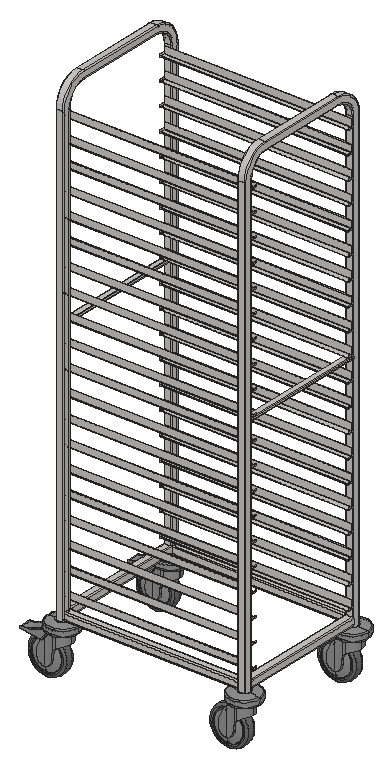
Revit family "QF_BPRO_RWR-B 6 x 4_575104", category Sonderausstattung, Revit 2018
Family settings
  Bemaßung runder Anschluss = Durchmesser verwenden
  Teiletyp = Normal
  Arbeitsebenenbasiert = Nein
  Immer vertikal = Ja
  Beim Laden mit Abzugskörper schneiden = Nein
  Gemeinsam genutzt = Nein
  Raumberechnungspunkt = Nein
Parameters (values of type "RWR-B 6 x 4")
  Zubehör = yes
  Warnhinweise = "Der Regalwagen darf nicht zum Transport von Personen mit oder auf dem Wagen benutzt werden. Der Regalwagen darf nicht als \"Leiterersatz\" oder als Klettergerät (Kinder) benutzt werden (Kippgefahr). Für diese Anwendungsfälle oder sonstigen, nicht bestimmungsgemäßen Gebrauch erlischt die Gewährleistung.\nAusführliche Gefahrenhinweise entnehmen Sie der Betriebsanleitung."
  URL = "https://www.bpro-solutions.com/"
  Typenkommentare = "Regalwagen"
  Tiefe = 536 mm
  Modell = "RWR-B 6 x 4"
  Material Stoßschutz = QF_Plastic-Dark_Grey-Matt
  Material Rollen = QF_Plastic-Dark_Grey-Matt
  Material = QF_Metal-Stainless-Steel_general
  Länge Gerätebreite = 686 mm
  Kosten = 843.5
  Internetadresse für Ersatzteilliste = ""
  Internetadresse Gerätehersteller = "https://www.bpro-solutions.com/"
  ID [instance] = ""
  Höhe = 1729 mm
  Hersteller = "B.PRO GmbH"
  Großküchengerätezuordnung = yes
  Gerätegewicht Netto = 21.50 kg
  Freiraum [instance] = no
  CE Kennzeichnung = yes
  Beschreibung durch Hersteller analog Leistungsverzeichnislangtext = "Abmessungen\n\nLänge:\t\t\t686 mm\nBreite:\t\t536 mm\nHöhe:\t\t1729 mm\n\nLichtes Maß:\nAbstand der Auflagenschienen:\t    73 mm\n\n\nAusführung\n\nDer Regalwagen besteht aus CNS 18/10, Werkstoff-Nr. 1.4301. Zwischen stabilem Vierkant-rohr mit 25 x 25 mm (gebogen ohne Einzug) befinden sich eingeschweißte Führungsschienen. Diese sind mit einer beidseitigen Durchschubsicherung zum Längseinschub von Backblechen 60x40 cm vorgesehen.\nEin eingeschweißtes Vierkantrohr 20 x 10 mm auf mittlerer Höhe des Regalwagens, jeweils an Vorder- und Rückseite höhenversetzt angebracht, verstärkt zusätzlich die Stabilität.\n\nDer Regalwagen ist fahrbar mittels rostfreien Kunststoffrollen gemäß DIN 18867, Teil 8\n(4 Lenkrollen, davon 2 mit Feststeller, Rollendurchmesser 125 mm). Wandabweiser aus Kunststoff (Polyamid) an allen vier Ecken schützen vor Beschädigung.\n\n\n\nTechnische Daten\n\nWerkstoff:\t \tChromnickelstahl 18/10,\n\t \tPolyamid (PA)\nMaterialstärke VK-Rohr:\t1,5 mm\nMaterialstärke\nAuflageschienen:\t\t    1,25 mm\nGewicht:\t\t21,5 kg\nTragfähigkeit je Wagen:\t    200 kg\nAnzahl Auflagenpaare:\t\t20\nKapazität:\t\t20 Backbleche 60x40 cm\n\n\n\n\nBesonderheit\n\n•\tFührungsschienen mit beidseitiger Durchschubsicherung\n\n\nFabrikat\n\nHersteller:\t\tB.PRO\nTyp:                                    RWR-B 6x4-20\nBest.Nr.\t\t575 104"
  Description = "Regalwagen,\nzum Transport\nvon Backblechen\n600 x 400 mm"
  Artikel Nummer = "575104"
Reference planes
  plane 1 "Mitte (Vorne/hinten)": y = 0
  plane 2: z = 0
  plane 3 "Mitte (Links/rechts)": x = 0
  plane 4: y = -217.5
  plane 5: y = 217.5
  plane 6 "v": x = -292.5
  plane 7 "h": x = 292.5
Forms (mm)
  Extrusion 1, solid, material "QF_Metal-Stainless-Steel_general" <- "Material"
    sketch origin (0, 0, 0) x (0, 1, 0) y (0, 0, 1)
      loop
        arc (-227, 203) -> (-229.121, 202.121) -> (-230, 200) r 3
        line (-230, 200) -> (-230, 181)
        arc (-230, 181) -> (-229.121, 178.879) -> (-227, 178) r 3
        line (-227, 178) -> (-208, 178)
        arc (-208, 178) -> (-205.879, 178.879) -> (-205, 181) r 3
        line (-205, 181) -> (-205, 200)
        arc (-205, 200) -> (-205.879, 202.121) -> (-208, 203) r 3
        line (-208, 203) -> (-227, 203)
      loop
        line (227, 203) -> (208, 203)
        arc (208, 203) -> (205.879, 202.121) -> (205, 200) r 3
        line (205, 200) -> (205, 181)
        arc (205, 181) -> (205.879, 178.879) -> (208, 178) r 3
        line (208, 178) -> (227, 178)
        arc (227, 178) -> (229.121, 178.879) -> (230, 181) r 3
        line (230, 181) -> (230, 200)
        arc (230, 200) -> (229.121, 202.121) -> (227, 203) r 3
    from -280 to 280
  Extrusion 2, solid, material "QF_Metal-Stainless-Steel_general" <- "Material"
    sketch origin (0, 0, 0) x (1, 0, 0) y (0, 0, 1)
      loop
        arc (-302, 203) -> (-304.121, 202.121) -> (-305, 200) r 3
        line (-305, 200) -> (-305, 181)
        arc (-305, 181) -> (-304.121, 178.879) -> (-302, 178) r 3
        line (-302, 178) -> (-283, 178)
        arc (-283, 178) -> (-280.879, 178.879) -> (-280, 181) r 3
        line (-280, 181) -> (-280, 200)
        arc (-280, 200) -> (-280.879, 202.121) -> (-283, 203) r 3
        line (-283, 203) -> (-302, 203)
      loop
        line (302, 203) -> (283, 203)
        arc (283, 203) -> (280.879, 202.121) -> (280, 200) r 3
        line (280, 200) -> (280, 181)
        arc (280, 181) -> (280.879, 178.879) -> (283, 178) r 3
        line (283, 178) -> (302, 178)
        arc (302, 178) -> (304.121, 178.879) -> (305, 181) r 3
        line (305, 181) -> (305, 200)
        arc (305, 200) -> (304.121, 202.121) -> (302, 203) r 3
    from -205 to 205
  Sweep 3, solid, material "QF_Metal-Stainless-Steel_general" <- "Material"
    path origin (0, 0, 0) x (0, 1, 0) y (0, 0, 1)
      loop
        line (-217.5, 161.5) -> (-217.5, 1646.5)
        arc (-217.5, 1646.5) -> (-196.997, 1695.997) -> (-147.5, 1716.5) r 70
        line (-147.5, 1716.5) -> (147.5, 1716.5)
        arc (147.5, 1716.5) -> (196.997, 1695.997) -> (217.5, 1646.5) r 70
        line (217.5, 1646.5) -> (217.5, 161.5)
    profile origin (0, -217.5, 904) x (0, -1, 0) y (1, 0, 0)
      loop
        arc (12.5, -283) -> (11.621, -280.879) -> (9.5, -280) r 3
        line (9.5, -280) -> (-9.5, -280)
        arc (-9.5, -280) -> (-11.621, -280.879) -> (-12.5, -283) r 3
        line (-12.5, -283) -> (-12.5, -302)
        arc (-12.5, -302) -> (-11.621, -304.121) -> (-9.5, -305) r 3
        line (-9.5, -305) -> (9.5, -305)
        arc (9.5, -305) -> (11.621, -304.121) -> (12.5, -302) r 3
        line (12.5, -302) -> (12.5, -283)
  Extrusion 4, solid, material "QF_Metal-Stainless-Steel_general" <- "Material"
    sketch origin (0, 0, 314) x (1, 0, 0) y (0, 0, 1)
      loop
        arc (-303, 716.5) -> (-304.414, 715.914) -> (-305, 714.5) r 2
        line (-305, 714.5) -> (-305, 708.5)
        arc (-305, 708.5) -> (-304.414, 707.086) -> (-303, 706.5) r 2
        line (-303, 706.5) -> (-287, 706.5)
        arc (-287, 706.5) -> (-285.586, 707.086) -> (-285, 708.5) r 2
        line (-285, 708.5) -> (-285, 714.5)
        arc (-285, 714.5) -> (-285.586, 715.914) -> (-287, 716.5) r 2
        line (-287, 716.5) -> (-303, 716.5)
      loop
        line (303, 643.5) -> (287, 643.5)
        arc (287, 643.5) -> (285.586, 642.914) -> (285, 641.5) r 2
        line (285, 641.5) -> (285, 635.5)
        arc (285, 635.5) -> (285.586, 634.086) -> (287, 633.5) r 2
        line (287, 633.5) -> (303, 633.5)
        arc (303, 633.5) -> (304.414, 634.086) -> (305, 635.5) r 2
        line (305, 635.5) -> (305, 641.5)
        arc (305, 641.5) -> (304.414, 642.914) -> (303, 643.5) r 2
    from -205 to 205
  Sweep 5, solid, material "QF_Metal-Stainless-Steel_general" <- "Material"
    path origin (0, 0, 0) x (0, 1, 0) y (0, 0, -1)
      loop
        line (-217.5, -161.5) -> (-217.5, -1646.5)
        arc (-217.5, -1646.5) -> (-196.997, -1695.997) -> (-147.5, -1716.5) r 70
        line (-147.5, -1716.5) -> (147.5, -1716.5)
        arc (147.5, -1716.5) -> (196.997, -1695.997) -> (217.5, -1646.5) r 70
        line (217.5, -1646.5) -> (217.5, -161.5)
    profile origin (0, -217.5, 904) x (0, 1, 0) y (-1, 0, 0)
      loop
        line (-12.5, -283) -> (-12.5, -302)
        arc (-12.5, -302) -> (-11.621, -304.121) -> (-9.5, -305) r 3
        line (-9.5, -305) -> (9.5, -305)
        arc (9.5, -305) -> (11.621, -304.121) -> (12.5, -302) r 3
        line (12.5, -302) -> (12.5, -283)
        arc (12.5, -283) -> (11.621, -280.879) -> (9.5, -280) r 3
        line (9.5, -280) -> (-9.5, -280)
        arc (-9.5, -280) -> (-11.621, -280.879) -> (-12.5, -283) r 3
  Extrusion 6, solid, visible <- "Freiraum"
    sketch origin (955.708, 86.822, 0) x (1, 0, 0) y (0, 1, 0)
      loop
        line (-1298.727, 181.197) -> (-1298.727, -354.84) -> (-612.69, -354.84) -> (-612.69, 181.197) -> (-1298.727, 181.197)
    from 0 to 1729
Cuts and joins
  joined: Extrusion 1, Extrusion 2, Sweep 3, Extrusion 4
Dimensions and locks
  aligned and locked: level to plane 2
Nested families
  nested 1: "Stoßschutz_Typ1" at (-292.5, 217.5, 173.5), type "Stoßschutz_Typ1"
  nested 2: "Stoßschutz_Typ1" at (292.5, 217.5, 173.5), type "Stoßschutz_Typ1"
  nested 3: "Stoßschutz_Typ1" at (292.5, -217.5, 173.5), type "Stoßschutz_Typ1"
  nested 4: "Stoßschutz_Typ1" at (-292.5, -217.5, 173.5), type "Stoßschutz_Typ1"
  nested 5: "Rolle_125mm_Typ1_1" at (-292.5, 217.5, 0) x (0, -1, 0) z (0, 0, 1), type "Bremse ohne Platte"
  nested 6: "Rolle_125mm_Typ1_1" at (-292.5, -217.5, 0) x (0, -1, 0) z (0, 0, 1), type "Bremse ohne Platte"
  nested 7: "Rolle_125mm_Typ1_1" at (292.5, 217.5, 0) x (0, -1, 0) z (0, 0, 1), type "ohne Bremse ohne Platte"
  nested 8: "Rolle_125mm_Typ1_1" at (292.5, -217.5, 0) x (0, -1, 0) z (0, 0, 1), type "ohne Bremse ohne Platte"
  nested 9: "Führungsschiene_Typ2" at (0, -205, 228.75) x (0, 1, 0) z (0, 0, 1), type "Führungsschiene_Typ2"
    with Länge 604 mm
  nested 10: "Führungsschiene_Typ2" at (0, 205, 228.75) x (0, -1, 0) z (0, 0, 1), type "Führungsschiene_Typ2"
    with Länge 604 mm
  nested 11: "Führungsschiene_Typ2" at (0, -205, 301.75) x (0, 1, 0) z (0, 0, 1), type "Führungsschiene_Typ2"
    with Länge 604 mm
  nested 12: "Führungsschiene_Typ2" at (0, 205, 301.75) x (0, -1, 0) z (0, 0, 1), type "Führungsschiene_Typ2"
    with Länge 604 mm
  nested 13: "Führungsschiene_Typ2" at (0, -205, 374.75) x (0, 1, 0) z (0, 0, 1), type "Führungsschiene_Typ2"
    with Länge 604 mm
  nested 14: "Führungsschiene_Typ2" at (0, 205, 374.75) x (0, -1, 0) z (0, 0, 1), type "Führungsschiene_Typ2"
    with Länge 604 mm
  nested 15: "Führungsschiene_Typ2" at (0, -205, 447.75) x (0, 1, 0) z (0, 0, 1), type "Führungsschiene_Typ2"
    with Länge 604 mm
  nested 16: "Führungsschiene_Typ2" at (0, 205, 447.75) x (0, -1, 0) z (0, 0, 1), type "Führungsschiene_Typ2"
    with Länge 604 mm
  nested 17: "Führungsschiene_Typ2" at (0, -205, 520.75) x (0, 1, 0) z (0, 0, 1), type "Führungsschiene_Typ2"
    with Länge 604 mm
  nested 18: "Führungsschiene_Typ2" at (0, 205, 520.75) x (0, -1, 0) z (0, 0, 1), type "Führungsschiene_Typ2"
    with Länge 604 mm
  nested 19: "Führungsschiene_Typ2" at (0, -205, 593.75) x (0, 1, 0) z (0, 0, 1), type "Führungsschiene_Typ2"
    with Länge 604 mm
  nested 20: "Führungsschiene_Typ2" at (0, 205, 593.75) x (0, -1, 0) z (0, 0, 1), type "Führungsschiene_Typ2"
    with Länge 604 mm
  nested 21: "Führungsschiene_Typ2" at (0, -205, 666.75) x (0, 1, 0) z (0, 0, 1), type "Führungsschiene_Typ2"
    with Länge 604 mm
  nested 22: "Führungsschiene_Typ2" at (0, 205, 666.75) x (0, -1, 0) z (0, 0, 1), type "Führungsschiene_Typ2"
    with Länge 604 mm
  nested 23: "Führungsschiene_Typ2" at (0, -205, 739.75) x (0, 1, 0) z (0, 0, 1), type "Führungsschiene_Typ2"
    with Länge 604 mm
  nested 24: "Führungsschiene_Typ2" at (0, 205, 739.75) x (0, -1, 0) z (0, 0, 1), type "Führungsschiene_Typ2"
    with Länge 604 mm
  nested 25: "Führungsschiene_Typ2" at (0, -205, 812.75) x (0, 1, 0) z (0, 0, 1), type "Führungsschiene_Typ2"
    with Länge 604 mm
  nested 26: "Führungsschiene_Typ2" at (0, 205, 812.75) x (0, -1, 0) z (0, 0, 1), type "Führungsschiene_Typ2"
    with Länge 604 mm
  nested 27: "Führungsschiene_Typ2" at (0, -205, 885.75) x (0, 1, 0) z (0, 0, 1), type "Führungsschiene_Typ2"
    with Länge 604 mm
  nested 28: "Führungsschiene_Typ2" at (0, 205, 885.75) x (0, -1, 0) z (0, 0, 1), type "Führungsschiene_Typ2"
    with Länge 604 mm
  nested 29: "Führungsschiene_Typ2" at (0, -205, 958.75) x (0, 1, 0) z (0, 0, 1), type "Führungsschiene_Typ2"
    with Länge 604 mm
  nested 30: "Führungsschiene_Typ2" at (0, 205, 958.75) x (0, -1, 0) z (0, 0, 1), type "Führungsschiene_Typ2"
    with Länge 604 mm
  nested 31: "Führungsschiene_Typ2" at (0, -205, 1031.75) x (0, 1, 0) z (0, 0, 1), type "Führungsschiene_Typ2"
    with Länge 604 mm
  nested 32: "Führungsschiene_Typ2" at (0, 205, 1031.75) x (0, -1, 0) z (0, 0, 1), type "Führungsschiene_Typ2"
    with Länge 604 mm
  nested 33: "Führungsschiene_Typ2" at (0, -205, 1104.75) x (0, 1, 0) z (0, 0, 1), type "Führungsschiene_Typ2"
    with Länge 604 mm
  nested 34: "Führungsschiene_Typ2" at (0, 205, 1104.75) x (0, -1, 0) z (0, 0, 1), type "Führungsschiene_Typ2"
    with Länge 604 mm
  nested 35: "Führungsschiene_Typ2" at (0, -205, 1177.75) x (0, 1, 0) z (0, 0, 1), type "Führungsschiene_Typ2"
    with Länge 604 mm
  nested 36: "Führungsschiene_Typ2" at (0, 205, 1177.75) x (0, -1, 0) z (0, 0, 1), type "Führungsschiene_Typ2"
    with Länge 604 mm
  nested 37: "Führungsschiene_Typ2" at (0, -205, 1250.75) x (0, 1, 0) z (0, 0, 1), type "Führungsschiene_Typ2"
    with Länge 604 mm
  nested 38: "Führungsschiene_Typ2" at (0, 205, 1250.75) x (0, -1, 0) z (0, 0, 1), type "Führungsschiene_Typ2"
    with Länge 604 mm
  nested 39: "Führungsschiene_Typ2" at (0, -205, 1323.75) x (0, 1, 0) z (0, 0, 1), type "Führungsschiene_Typ2"
    with Länge 604 mm
  nested 40: "Führungsschiene_Typ2" at (0, 205, 1323.75) x (0, -1, 0) z (0, 0, 1), type "Führungsschiene_Typ2"
    with Länge 604 mm
  nested 41: "Führungsschiene_Typ2" at (0, -205, 1396.75) x (0, 1, 0) z (0, 0, 1), type "Führungsschiene_Typ2"
    with Länge 604 mm
  nested 42: "Führungsschiene_Typ2" at (0, 205, 1396.75) x (0, -1, 0) z (0, 0, 1), type "Führungsschiene_Typ2"
    with Länge 604 mm
  nested 43: "Führungsschiene_Typ2" at (0, -205, 1469.75) x (0, 1, 0) z (0, 0, 1), type "Führungsschiene_Typ2"
    with Länge 604 mm
  nested 44: "Führungsschiene_Typ2" at (0, 205, 1469.75) x (0, -1, 0) z (0, 0, 1), type "Führungsschiene_Typ2"
    with Länge 604 mm
  nested 45: "Führungsschiene_Typ2" at (0, -205, 1542.75) x (0, 1, 0) z (0, 0, 1), type "Führungsschiene_Typ2"
    with Länge 604 mm
  nested 46: "Führungsschiene_Typ2" at (0, 205, 1542.75) x (0, -1, 0) z (0, 0, 1), type "Führungsschiene_Typ2"
    with Länge 604 mm
  nested 47: "Führungsschiene_Typ2" at (0, -205, 1615.75) x (0, 1, 0) z (0, 0, 1), type "Führungsschiene_Typ2"
    with Länge 604 mm
  nested 48: "Führungsschiene_Typ2" at (0, 205, 1615.75) x (0, -1, 0) z (0, 0, 1), type "Führungsschiene_Typ2"
    with Länge 604 mm
Definition of nested family "Stoßschutz_Typ1"
  Parameters (values of type "Stoßschutz_Typ1")
    Material = none
  Reference planes
    plane 1 "Mitte (Vorne/hinten)": y = 0
    plane 2: z = 0
    plane 3 "Mitte (Links/rechts)": x = 0
    plane 4: z = -13.387
  Forms (mm)
    Revolve 1, solid, material <- "Material"
      sketch origin (0, 0, 0) x (1, 0, 0) y (0, 0, 1)
        loop
          line (0, 0) -> (-20.142, 0)
          arc (-20.142, 0) -> (-33.904, -1.519) -> (-47.593, -3.59) r 344.486
          arc (-47.593, -3.59) -> (-49.69, -4.792) -> (-50.519, -7.062) r 3.522
          line (-50.519, -7.062) -> (-50.519, -22)
          arc (-50.519, -22) -> (-49.933, -23.414) -> (-48.519, -24) r 2
          line (-48.519, -24) -> (-47.519, -24) -> (-47.519, -6.622)
          arc (-47.519, -6.622) -> (-33.8, -4.531) -> (-20.007, -3) r 341.486
          line (-20.007, -3) -> (0, -3) -> (0, 0)
        axis (0, -24) -> (0, 0)
      angle from 0 to 360
  Dimensions and locks
    aligned and locked: level to plane 2
Definition of nested family "Rolle_125mm_Typ1_1"
  Parameters (values of type "Bremse ohne Platte")
    Meterial Felge = none
    Material Rolle = none
    Material Korpus = none
    Bremse = yes
    Befestigungsplatte = no
  Types (4, lengths in mm): name | Bremse | Befestigungsplatte
    Bremse und Platte | yes | yes
    Bremse ohne Platte | yes | no
    ohne Bremse mit Platte | no | yes
    ohne Bremse ohne Platte | no | no
  Reference planes
    plane 1 "Mitte (Vorne/hinten)": y = 0
    plane 2: z = 0
    plane 3 "Mitte (Links/rechts)": x = 0
    plane 4 "achse": y = -40.006
    plane 5: y = -27.583
    plane 6: y = 27.583
    plane 7: x = -19.406
    plane 8: x = 19.406
  Forms (mm)
    Extrusion 1, solid, material <- "Material Korpus"
      sketch origin (0, 0, 0) x (0, 1, 0) y (0, 0, 1)
        loop
          arc (29.483, 153.125) -> (-36.251, 126.766) -> (-66.01, 62.5) r 95.978
          arc (-66.01, 62.5) -> (-40.006, 36.495) -> (-14.001, 62.5) r 26.005
          arc (-14.001, 62.5) -> (-2.667, 96.712) -> (29.483, 112.998) r 47.282
          line (29.483, 112.998) -> (29.483, 153.125)
      from -29.5 to 29.5
    Extrusion 2, void
      sketch origin (0, 0, 0) x (1, 0, 0) y (0, 1, 0)
        loop
          arc (29.5, 0) -> (29.227, -5.123) -> (28.412, -10.188) r 48.241
          arc (28.412, -10.188) -> (26.103, -25.015) -> (25.536, -40.009) r 128.719
          arc (25.536, -40.009) -> (24.89, -53.073) -> (22.96, -66.01) r 132.493
          line (22.96, -66.01) -> (22.96, -71.01) -> (32.96, -71.01) -> (32.96, 33.99) -> (-32.96, 33.99) -> (-32.96, -71.01) -> (-22.96, -71.01) -> (-22.96, -66.01)
          arc (-22.96, -66.01) -> (-24.89, -53.073) -> (-25.536, -40.009) r 132.493
          arc (-25.536, -40.009) -> (-26.103, -25.015) -> (-28.412, -10.188) r 128.719
          arc (-28.412, -10.188) -> (-29.227, -5.123) -> (-29.5, 0) r 48.241
          arc (-29.5, 0) -> (0, 29.5) -> (29.5, 0) r 29.5
        loop
          arc (24.5, 0) -> (0, 24.5) -> (-24.5, 0) r 24.5
          arc (-24.5, 0) -> (-24.255, -4.592) -> (-23.525, -9.132) r 43.241
          arc (-23.525, -9.132) -> (-21.129, -24.509) -> (-20.536, -40.06) r 133.719
          arc (-20.536, -40.06) -> (-19.888, -52.85) -> (-17.96, -65.51) r 127.493
          line (-17.96, -65.51) -> (-17.96, -76.01) -> (17.96, -76.01) -> (17.96, -65.51)
          arc (17.96, -65.51) -> (19.888, -52.85) -> (20.536, -40.06) r 127.493
          arc (20.536, -40.06) -> (21.129, -24.509) -> (23.525, -9.132) r 133.719
          arc (23.525, -9.132) -> (24.255, -4.592) -> (24.5, 0) r 43.241
      from 0 to 161.3
    Extrusion 3, solid, material <- "Material Korpus"
      sketch origin (0, 0, 0) x (1, 0, 0) y (0, 1, 0)
        loop
          circle (0, 0) r 27.583
        loop
          circle (0, 0) r 22.583
      from 132.308 to 154.969
    Extrusion 4, void
      sketch origin (0, 0, 0) x (0, 1, 0) y (0, 0, 1)
        loop
          arc (29.483, 148.125) -> (-1.46, 142.58) -> (-28.669, 126.834) r 90.978
          line (-28.669, 126.834) -> (29.483, 126.834) -> (29.483, 148.125)
      from -30 to 30
    Extrusion 5, solid, material <- "Material Korpus"
      sketch origin (0, 0, 0) x (0, 1, 0) y (0, 0, 1)
        loop
          arc (0, 148.376) -> (-26.751, 134.682) -> (-47.956, 113.387) r 95.978
          line (-47.956, 113.387) -> (-43.905, 110.457)
          arc (-43.905, 110.457) -> (-24.464, 130.157) -> (0, 143.1) r 90.978
          line (0, 143.1) -> (0, 148.376)
      from -23.033 to 23
    Extrusion 6, void
      sketch origin (0, 0, 0) x (1, 0, 0) y (0, 1, 0)
        loop
          circle (-0.017, 0) r 22.583
      from 106.63 to 154.969
    Extrusion 7, void
      sketch origin (0, 0, 0) x (1, 0, 0) y (0, 1, 0)
        loop
          line (-20.288, -47.956) -> (-20.288, -52.956) -> (20.288, -52.956) -> (20.288, -47.956)
          arc (20.288, -47.956) -> (0, -27.669) -> (-20.288, -47.956) r 20.288
      from 83.979 to 153.125
    Revolve 8, solid, material <- "Material Korpus"
      sketch origin (0, 0, 0) x (0, 1, 0) y (0, 0, 1)
        loop
          line (-27.583, 155.817) -> (-22.583, 155.817) -> (-22.583, 154.969) -> (0, 154.969) -> (0, 160.495) -> (-27.583, 160.495) -> (-27.583, 155.817)
        axis (0, 160.495) -> (0, 154.969)
      angle from 0 to 360
    Extrusion 9, solid, material <- "Material Korpus", visible <- "Befestigungsplatte"
      sketch origin (0, 0, 0) x (1, 0, 0) y (0, 1, 0)
        loop
          line (30, 47.5) -> (-30, 47.5)
          arc (-30, 47.5) -> (-33.536, 46.036) -> (-35, 42.5) r 5
          line (-35, 42.5) -> (-35, -42.5)
          arc (-35, -42.5) -> (-33.536, -46.036) -> (-30, -47.5) r 5
          line (-30, -47.5) -> (30, -47.5)
          arc (30, -47.5) -> (33.536, -46.036) -> (35, -42.5) r 5
          line (35, -42.5) -> (35, 42.5)
          arc (35, 42.5) -> (33.536, 46.036) -> (30, 47.5) r 5
      from 158.8 to 161.3
    Revolve 10, solid, material <- "Material Rolle"
      sketch origin (0, -40.006, 0) x (0, 0, -1) y (1, 0, 0)
        loop
          line (-62.5, -12.996) -> (-14.712, -12.996) -> (-14.629, -14.183)
          arc (-14.629, -14.183) -> (-14.012, -15.475) -> (-12.68, -16) r 1.953
          line (-12.68, -16) -> (-7.356, -16)
          arc (-7.356, -16) -> (-3.064, -14.525) -> (-0.584, -10.724) r 6.984
          arc (-0.584, -10.724) -> (0.747, 0) -> (-0.584, 10.724) r 43.854
          arc (-0.584, 10.724) -> (-3.064, 14.525) -> (-7.356, 16) r 6.984
          line (-7.356, 16) -> (-12.68, 16)
          arc (-12.68, 16) -> (-14.012, 15.475) -> (-14.629, 14.183) r 1.953
          line (-14.629, 14.183) -> (-14.712, 12.996) -> (-62.5, 12.996) -> (-62.5, -12.996)
        axis (-62.5, -16) -> (-62.5, 16)
      angle from 0 to 360
    Revolve 11, solid, material <- "Meterial Felge"
      sketch origin (0, -40.006, 0) x (0, 0, -1) y (1, 0, 0)
        loop
          arc (-62.5, -22.767) -> (-38.311, -20.846) -> (-14.712, -15.198) r 156.034
          line (-14.712, -15.198) -> (-14.712, 15.198)
          arc (-14.712, 15.198) -> (-38.311, 20.846) -> (-62.5, 22.767) r 156.034
          line (-62.5, 22.767) -> (-62.5, -22.767)
        axis (-62.5, -22.767) -> (-62.5, 22.767)
      angle from 0 to 360
    Extrusion 12, solid, material <- "Material Korpus", visible <- "Bremse"
      sketch origin (0, 0, 0) x (0, 1, 0) y (0, 0, 1)
        loop
          arc (-49.4, 105.824) -> (-29.128, 129.052) -> (-2.377, 144.374) r 92.978
          line (-2.377, 144.374) -> (-24.983, 146.448)
          arc (-24.983, 146.448) -> (-43.484, 142.245) -> (-61.13, 135.276) r 124.365
          arc (-61.13, 135.276) -> (-90.048, 124.527) -> (-120.492, 119.527) r 160.001
          arc (-120.492, 119.527) -> (-121.721, 118.993) -> (-122.334, 117.801) r 1.991
          line (-122.334, 117.801) -> (-123.025, 112.581) -> (-49.4, 105.824)
      from -25 to 25
    Extrusion 13, void
      sketch origin (0, 0, 0) x (1, 0, 0) y (0, 1, 0)
        loop
          line (-24.687, -2.377) -> (-40, -2.377) -> (-40, -137.377) -> (-17.56, -137.377)
          arc (-17.56, -137.377) -> (-23.153, -69.984) -> (-24.687, -2.377) r 1125.228
        loop
          arc (-21.687, -2.377) -> (-20.149, -69.984) -> (-14.54, -137.377) r 1122.228
          line (-14.54, -137.377) -> (14.54, -137.377)
          arc (14.54, -137.377) -> (20.149, -69.984) -> (21.687, -2.377) r 1122.228
          line (21.687, -2.377) -> (-21.687, -2.377)
        loop
          arc (24.687, -2.377) -> (23.153, -69.984) -> (17.56, -137.377) r 1125.228
          line (17.56, -137.377) -> (40, -137.377) -> (40, -2.377) -> (24.687, -2.377)
      from 100.163 to 161.8
    Extrusion 14, void
      sketch origin (0, 0, 0) x (1, 0, 0) y (0, 1, 0)
        loop
          circle (0, 0) r 27.583
      from 83.929 to 175.029
    Extrusion 15, solid, material <- "Material Korpus", visible <- "Bremse"
      sketch origin (0, 0, 0) x (0, 1, 0) y (0, 0, 1)
        loop
          line (-12.244, 145.279) -> (-24.983, 146.448)
          arc (-24.983, 146.448) -> (-43.484, 142.245) -> (-61.13, 135.276) r 124.365
          arc (-61.13, 135.276) -> (-90.048, 124.527) -> (-120.492, 119.527) r 160.001
          arc (-120.492, 119.527) -> (-121.721, 118.993) -> (-122.334, 117.801) r 1.991
          line (-122.334, 117.801) -> (-123.013, 112.668) -> (-120.843, 112.381) -> (-120.293, 116.533)
          arc (-120.293, 116.533) -> (-89.279, 121.627) -> (-59.819, 132.578) r 163.001
          arc (-59.819, 132.578) -> (-42.769, 139.326) -> (-24.897, 143.428) r 121.365
          line (-24.897, 143.428) -> (-12.244, 142.267) -> (-12.244, 145.279)
      from -30 to 30
    Extrusion 16, void
      sketch origin (0, 0, 0) x (1, 0, 0) y (0, 1, 0)
        loop
          line (-21.718, -9.744) -> (-35.589, -9.744) -> (-35.589, -127.783) -> (-15.589, -127.783)
          arc (-15.589, -127.783) -> (-20.208, -68.844) -> (-21.718, -9.744) r 1122.228
        loop
          line (15.589, -127.783) -> (35.589, -127.783) -> (35.589, -9.744) -> (21.718, -9.744)
          arc (21.718, -9.744) -> (20.208, -68.844) -> (15.589, -127.783) r 1122.228
      from 95.424 to 163.646
  Cuts and joins
    Extrusion 2 cuts Extrusion 1
    Extrusion 4 cuts Extrusion 3
    Extrusion 6, Extrusion 7 cuts Extrusion 5
    joined: Extrusion 1, Extrusion 3, Extrusion 5
    Extrusion 13, Extrusion 14 cuts Extrusion 12
    Extrusion 14, Extrusion 16 cuts Extrusion 15
  Dimensions and locks
    aligned and locked: level to plane 2
Definition of nested family "Führungsschiene_Typ2"
  Parameters (values of type "Führungsschiene_Typ2")
    Material = none
    Länge [instance] = 500 mm
  Reference planes
    plane 1 "Mitte (Vorne/hinten)": y = 0
    plane 2: z = 0
    plane 3 "Mitte (Links/rechts)": x = 0
    plane 4: y = -250
    plane 5: y = 250
  Forms (mm)
    Extrusion 1, solid, material <- "Material"
      sketch origin (0, 0, 0) x (1, 0, 0) y (0, 0, 1)
        loop
          line (0, 23.45) -> (0, 1.063)
          arc (0, 1.063) -> (0.677, -0.573) -> (2.313, -1.25) r 2.313
          line (2.313, -1.25) -> (17.75, -1.25) -> (17.75, 0) -> (2.22, 0)
          arc (2.22, 0) -> (1.534, 0.284) -> (1.25, 0.97) r 0.97
          line (1.25, 0.97) -> (1.25, 23.45) -> (0, 23.45)
      from -250 to 250
    Extrusion 2, solid, material <- "Material"
      sketch origin (0, 0, 0) x (0, 1, 0) y (0, 0, 1)
        loop
          line (-249.948, -1.25) -> (-248.972, -1.25) -> (-248.972, 0) -> (-249.956, 0)
          arc (-249.956, 0) -> (-250.664, 0.275) -> (-251, 0.957) r 1.048
          line (-251, 0.957) -> (-251.339, 4.836) -> (-252.585, 4.727) -> (-252.246, 0.856)
          arc (-252.246, 0.856) -> (-251.506, -0.644) -> (-249.948, -1.25) r 2.307
      from 2.25 to 17.75
    Extrusion 3, solid, material <- "Material"
      sketch origin (0, 0, 0) x (0, 1, 0) y (0, 0, 1)
        loop
          arc (250.998, 0.932) -> (250.671, 0.268) -> (249.981, 0) r 1.021
          line (249.981, 0) -> (249.048, 0) -> (249.048, -1.25) -> (249.989, -1.25)
          arc (249.989, -1.25) -> (251.517, -0.656) -> (252.242, 0.815) r 2.262
          line (252.242, 0.815) -> (252.585, 4.727) -> (251.339, 4.836) -> (250.998, 0.932)
      from 2.25 to 17.75
  Cuts and joins
    joined: Extrusion 1, Extrusion 2, Extrusion 3
  Dimensions and locks
    equal spacing: plane 4, plane 1 "Mitte (Vorne/hinten)", plane 5
    "Länge": plane 4 to plane 5
    locked: plane 4 to Extrusion 2 sketch curve at 1.028
    locked: Extrusion 3 sketch curve to plane 5 at 0.952
    aligned and locked: level to plane 2
    aligned and locked: plane 5 to Extrusion 1
    aligned and locked: plane 4 to Extrusion 1
  Automatic sketch dimensions
    Extrusion 1 sketch curve to plane 3 "Mitte (Links/rechts)" = 0 mm
    Extrusion 1 sketch curve to level = 0 mm
    plane 3 "Mitte (Links/rechts)" to Extrusion 1 sketch curve = 1.25 mm
    Extrusion 1 sketch curve to Extrusion 1 sketch curve = 0.97 mm
    Extrusion 1 sketch curve to Extrusion 1 sketch curve = 0.093 mm
    Extrusion 1 sketch curve to Extrusion 1 sketch curve = 15.437 mm
    Extrusion 1 sketch curve to Extrusion 1 sketch curve = 1.25 mm
    Extrusion 1 sketch curve to Extrusion 1 sketch curve = 22.387 mm
    Extrusion 2 sketch curve to level = 0 mm
    plane 4 to Extrusion 2 sketch curve = 2.585 mm
    level to Extrusion 2 sketch curve = 0.856 mm
    plane 4 to Extrusion 2 sketch curve = 2.246 mm
    Extrusion 2 sketch curve to Extrusion 2 sketch curve = 1.245 mm
    level to Extrusion 2 sketch curve = 0.957 mm
    Extrusion 2 sketch curve to Extrusion 2 sketch curve = 1.246 mm
    Extrusion 2 sketch curve to plane 4 = 0.044 mm
    Extrusion 2 sketch curve to Extrusion 2 sketch curve = 0.008 mm
    Extrusion 2 sketch curve to level = 1.25 mm
    Extrusion 3 sketch curve to level = 0 mm
    Extrusion 3 sketch curve to plane 5 = 0.019 mm
    Extrusion 3 sketch curve to plane 5 = 0.011 mm
    plane 5 to Extrusion 3 sketch curve = 0.998 mm
    plane 5 to Extrusion 3 sketch curve = 1.339 mm
    level to Extrusion 3 sketch curve = 0.815 mm
    Extrusion 3 sketch curve to Extrusion 3 sketch curve = 1.245 mm  (x2)
    Extrusion 3 sketch curve to level = 1.25 mm
    level to Extrusion 3 sketch curve = 0.932 mm
